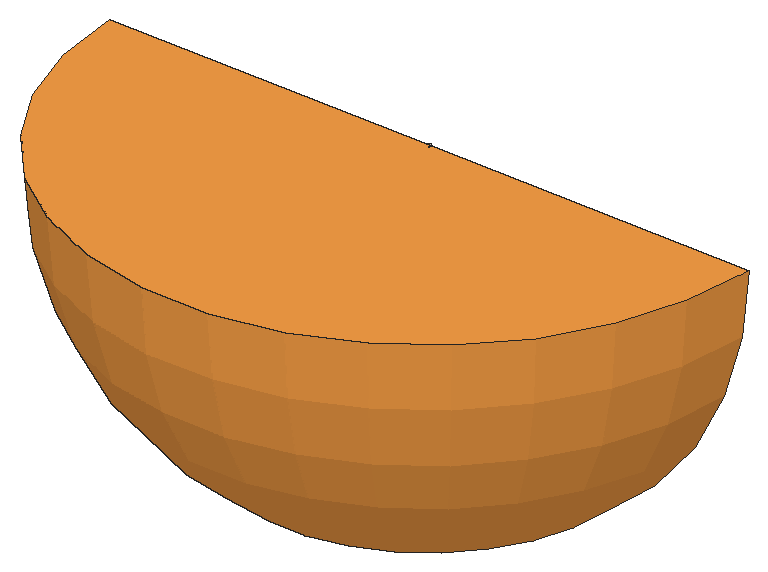
Revit family "Difusores de ventana_Aguilera Extincion", category Rociadores, Revit 2017
Family settings
  Mantener orientación de anotación = No
  Cota de conector redondo = Radio de uso
  Tipo de pieza = Normal
  Número OmniClass = 23.65.70.17.11.24
  Título OmniClass = Fire Fighting Sprinkler Heads
  Se basa en plano de trabajo = Sí
  Siempre vertical = Sí
  Corte con vacíos al cargar = No
  Compartido = No
  Punto de cálculo de habitación = No
Parameters (values of type "Difusor de ventana 1 1/4" hembra")
  Zona de acción = yes
  URL = "http://aguilera.es/?productos=difusores-de-ventana-ig-55"
  Símbolo texto modelo = yes
  Símbolo = yes
  Rosca = 31.8 mm
  Rh = Hexagonal / 2  # 25 mm
  Respuesta = Norma
  Radio = Rosca / 2  # 15.9 mm
  Orificio = Norma
  Modelo = "AEX/DV114C"
  Hr = Altura / 3.5  # 20 mm
  Hexagonal = 50 mm
  Fabricante = "Aguilera Extinción"  # constant formula
  Default Elevation = 0 mm
  Diámetro = 6.4 mm
  Descripción = "Componente que permite obtener un caudal predeterminado y una característica de distribución uniforme del agente extintor dentro o sobre el riesgo protegido."  # constant formula
  Dd = Altura / 4  # 17.5 mm
  Cobertura = Norma
  Clase de presión = Norma
  Altura = 70 mm
Types (8, lengths in mm): name | Rosca | Rh | Radio | Modelo | Hr | Hexagonal | Dd | Altura
  (no name) | 31.8 | 25 | 15.9 | "AEX/DV114C" | 20 | 50 | 17.5 | 70
  Difusor de ventana 1/4" hembra | 6.4 | 9 | 3.2 | "AEX/DV14C" | 8.571 | 18 | 7.5 | 30
  Difusor de ventana 3/8" hembra | 9.5 | 11 | 4.75 | "AEX/DV38C" | 10 | 22 | 8.75 | 35
  Difusor de ventana 1/2" hembra | 12.7 | 13.5 | 6.35 | "AEX/DV12C" | 13.143 | 27 | 11.5 | 46
  Difusor de ventana 3/4" hembra | 19.1 | 16 | 9.55 | "AEX/DV34C" | 14.286 | 32 | 12.5 | 50
  Difusor de ventana 1" hembra | 25.4 | 20 | 12.7 | "AEX/DV1C" | 17.143 | 40 | 15 | 60
  Difusor de ventana 1 1/4" hembra | 31.8 | 25 | 15.9 | "AEX/DV114C" | 20 | 50 | 17.5 | 70
  Difusor de ventana 1 1/2" hembra | 38.1 | 30 | 19.05 | "AEX/DV112C" | 24.286 | 60 | 21.25 | 85
Reference planes
  plane 1 "Centro (Frontal/Posterior)": y = 0
  plane 2: z = 0
  plane 3 "Centro (Izquierda/Derecha)": x = 0
  plane 4: through (4267.2, 0, -48.641) normal (0, -0.866, 0.5)
  plane 5: z = -70
  plane 6: x = -25
  plane 7: x = 25
  plane 8: through (-17, -19.053, 3968.5) normal (0.5, 0.866, 0)
  plane 9: through (-4.5, 2.598, 3968.5) normal (0.5, 0.866, 0)
  plane 10: through (8, 24.249, 3968.5) normal (0.5, 0.866, 0)
  plane 11: through (17, -19.053, 3968.5) normal (0.5, -0.866, 0)
  plane 12: through (4.5, 2.598, 3968.5) normal (0.5, -0.866, 0)
  plane 13: through (-8, 24.249, 3968.5) normal (0.5, -0.866, 0)
  plane 14: z = -20
  plane 15: z = -57.5
Forms (mm)
  Revolve 1, solid, material "Zona de acción", visible <- "Zona de acción"
    sketch origin (0, 0, -1.689) x (-1, 0, 0) y (0, 0, 1)
      loop
        line (0, 4.189) -> (-4000, 4.189)
        arc (-4000, 4.189) -> (-2828.427, -2824.238) -> (0, -3995.811) r 4000
        line (0, -3995.811) -> (0, 4.189)
      axis (0, 4.189) -> (0, -3995.811)
    angle from 0 to 180
  Extrusion 2, solid, material "Acero F212 Cromado", detail levels medium+fine
    sketch origin (0, 0, 0) x (1, 0, 0) y (0, 1, 0)
      loop
        line (25, 14.434) -> (0, 28.868) -> (-25, 14.434) -> (-25, -14.434) -> (0, -28.868) -> (25, -14.434) -> (25, 14.434)
    from 0 to -20
  Revolve 3, solid, material "Acero F212 Cromado", detail levels medium+fine
    sketch origin (0, 0, 0) x (1, 0, 0) y (0, 0, 1)
      loop
        line (0, -20) -> (-25, -20) -> (-25, -45) -> (-23.651, -45) -> (-23.651, -70) -> (0, -70) -> (0, -20)
      axis (0, -20) -> (0, -70)
    angle from 0 to 360
  Revolve 4, void
    sketch origin (0, 0, 0) x (1, 0, 0) y (0, 0, 1)
      loop
        line (0, -48.75) -> (-25, -48.75) -> (-25, -66.25) -> (0, -66.25) -> (0, -48.75)
      axis (0, -48.75) -> (0, -66.25)
    angle from 0 to -180
Cuts and joins
  Revolve 4 cuts Revolve 1
  Revolve 4 cuts Revolve 3
Dimensions and locks
  equal spacing: plane 13, plane 12, plane 11
  "Hexagonal": plane 13 to plane 11
  equal spacing: plane 6, plane 3 "Centro (Izquierda/Derecha)", plane 7
  "Hexagonal": plane 6 to plane 7
  equal spacing: plane 10, plane 9, plane 8
  "Hexagonal": plane 10 to plane 8
  "Altura": plane 2 to plane 5
  "Rh": Revolve 3 sketch curve to Revolve 3 sketch curve
  equal spacing: Extrusion 2, Revolve 3 sketch curve, plane 5
  Revolve 3 sketch curve to Revolve 3 sketch curve = 1.349 mm
  "Hr": plane 2 to plane 14
  "Dd": Revolve 4 sketch curve to Revolve 4 sketch curve
  equal spacing: Revolve 4 sketch curve, plane 15, Revolve 4 sketch curve
  "Rh": Revolve 4 sketch curve to Revolve 4 sketch curve
  equal spacing: cut or joined group of Revolve 3, Revolve 4, plane 15, plane 5
  aligned and locked: level to plane 2
  aligned and locked: Extrusion 2 sketch curve to plane 7
  aligned and locked: Extrusion 2 sketch curve to plane 6
  aligned and locked: plane 8 to Extrusion 2 sketch curve
  aligned and locked: plane 10 to Extrusion 2 sketch curve
  aligned and locked: plane 13 to Extrusion 2 sketch curve
  aligned and locked: Extrusion 2 sketch curve to plane 11
  aligned and locked: level to Extrusion 2
  aligned and locked: Revolve 3 sketch curve to Extrusion 2
  aligned and locked: plane 3 "Centro (Izquierda/Derecha)" to Revolve 3 sketch curve
  aligned and locked: Revolve 3 sketch curve to plane 3 "Centro (Izquierda/Derecha)"
  aligned and locked: Revolve 3 sketch curve to plane 5
  aligned and locked: Extrusion 2 to plane 14
  aligned and locked: plane 3 "Centro (Izquierda/Derecha)" to Revolve 4 sketch curve
  aligned and locked: Revolve 4 sketch curve to plane 3 "Centro (Izquierda/Derecha)"
Automatic sketch dimensions
  level to Revolve 1 sketch curve = 2.5 mm
  plane 3 "Centro (Izquierda/Derecha)" to Revolve 1 sketch curve = 4000 mm
  Revolve 1 sketch curve to plane 3 "Centro (Izquierda/Derecha)" = 0 mm
  Revolve 1 sketch curve to Revolve 1 sketch curve = 0 mm
  Revolve 1 sketch curve to plane 5 = 153.343 mm
  Revolve 1 sketch curve to Revolve 1 sketch curve = 178.311 mm
  Revolve 3 sketch curve to Revolve 3 sketch curve = 0.384 mm
  level to Revolve 3 sketch curve = 6.369 mm
  Revolve 4 sketch curve to Revolve 4 sketch curve = 1.17 mm
  Revolve 4 sketch curve to plane 5 = 19.302 mm
Nested families
  nested 1: "S_Difusor de ventana_Aguilera Extinción" at (0, 0, 0), visible <- "Símbolo", type "S_Difusor de ventana_Aguilera Extinción", detail levels coarse
Connectors
  piping at (0, 0, 0), diameter 31.8, driven by "Radio", driven by "Modelo"
    settings: on Extrusion 2, index 1, connector inside diameter 609.6 mm, connector length 0 mm, flow factor 0, pipe flow 0.0 L/min, pressure drop 0.0 Pa, fitting loss kfactor 0, connector angle 0.00°, fixture units 0, engagement length 0 mm, angle of deflection 0.00°, flow configuration 0, flow direction 1, fitting loss method 0, system type 26, joint type 0, gender type 0, connector reference index -1, connector utility 0, adjustable connector no, is connector primary yes, connector description "AEX/DV114C"
Definition of nested family "S_Difusor de ventana_Aguilera Extinción"
  Parameters (values of type "S_Difusor de ventana_Aguilera Extinción")
    Texto símbolo = "Difusor de ventana"
    Texto modelo = yes
    Modelo = "Difusor de ventana"
  Reference planes
    plane 1: y = 0
    plane 2: x = 0
  Lines and regions (mm)
    detail lines
      curve 1: line (0, -1.699, 0) -> (0, -2.813, 0)
      curve 2: line (1.201, -1.201, 0) -> (1.989, -1.989, 0)
      curve 3: line (1.699, 0, 0) -> (2.813, 0, 0)
      curve 4: line (-1.201, -1.201, 0) -> (-1.989, -1.989, 0)
      curve 5: line (-1.699, 0, 0) -> (-2.813, 0, 0)
      curve 6: line (1.49, 0, 0) -> (-1.49, 0, 0)
      curve 7: arc (-1.49, 0, 0) -> (0, -1.49, 0) -> (1.49, 0, 0) r 1.49
  Text (mm)
    label "Texto símbolo" at (-0.164, 2.716, 0), shows "Texto símbolo", visible <- "Texto modelo"
    label "Modelo" at (-0.164, -4.339, 0), shows "Modelo", visible <- "Texto modelo"
